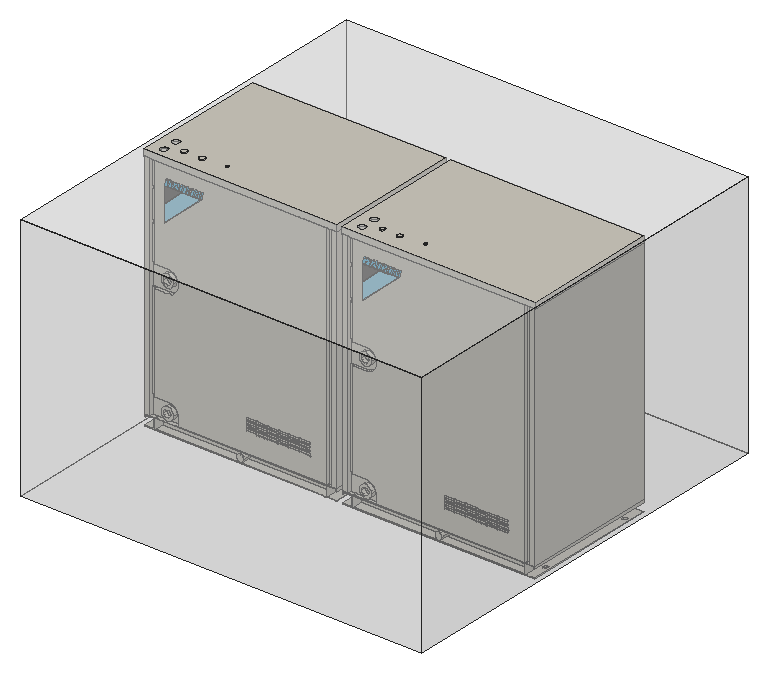
Revit family "outputfile", category 機械設備, Revit 2024
Family settings
  丸型コネクタ寸法 = 半径を使用
  種別 = なし
  パーツ タイプ = 標準
  OmniClass 番号 = 23.75.10.24.21.27.27
  OmniClass タイトル = Split System Air Conditioning Units
  作業面ベース = いいえ
  常に垂直 = はい
  ロード時にボイドで切り取り = いいえ
  注釈の向きを維持 = いいえ
  共有 = いいえ
  部屋計算ポイント = いいえ
Parameters (values of type "RWEYQ18TY14")
  製造元 = "Daikin"
  書き出し IFC クラス(タイプ) = "IfcUnitaryEquipmentType"
  定義済み IFC タイプ(タイプ) = "AIRCONDITIONINGUNIT"
  モデル = "RWEYQ18TY14"
  w_unit2 = 780.0 mm
  w_unit1 = 780.0 mm
  switch_unit2_6-8 [instance] = if(Reverse_ModuleSequence, if(default_unit1 = 1, 1 = 1, 1 = 0), if(default_unit2 = 1, 1 = 1, 1 = 0))  # yes
  switch_unit2_12 [instance] = if(Reverse_ModuleSequence, if(default_unit1 = 3, 1 = 1, 1 = 0), if(default_unit2 = 3, 1 = 1, 1 = 0))  # no
  switch_unit2_10 [instance] = if(Reverse_ModuleSequence, if(default_unit1 = 2, 1 = 1, 1 = 0), if(default_unit2 = 2, 1 = 1, 1 = 0))  # no
  switch_unit1_6-8 [instance] = if(Reverse_ModuleSequence, if(default_unit2 = 1, 1 = 1, 1 = 0), if(default_unit1 = 1, 1 = 1, 1 = 0))  # no
  switch_unit1_12 [instance] = if(Reverse_ModuleSequence, if(default_unit2 = 3, 1 = 1, 1 = 0), if(default_unit1 = 3, 1 = 1, 1 = 0))  # no
  switch_unit1_10 [instance] = if(Reverse_ModuleSequence, if(default_unit2 = 2, 1 = 1, 1 = 0), if(default_unit1 = 2, 1 = 1, 1 = 0))  # yes
  rangle_Drain [instance] = if(Rear Connection_Drain, 180.00°, 0.00°)  # 0.00°
  r_Water Outlet Pipe Connection_unit2 [instance] = Water Outlet Pipe Connection_Unit2 / 2  # 15.9 mm
  r_Water Outlet Pipe Connection_unit1 [instance] = Water Outlet Pipe Connection_Unit1 / 2  # 15.9 mm
  r_Water Inlet Pipe Connection_unit2 [instance] = Water Inlet Pipe Connection_Unit2 / 2  # 15.9 mm
  r_Water Inlet Pipe Connection_unit1 [instance] = Water Inlet Pipe Connection_Unit1 / 2  # 15.9 mm
  r_Liquid Pipe Size_unit2 [instance] = Liquid Pipe Size_Unit 2 / 2  # 4.75 mm
  r_HP/LP Gas Pipe Size_unit2 [instance] = [HP/LP Gas Pipe Size_Unit 2] / 2  # 9.55 mm
  r_HP/LP Gas Pipe Size_unit1 [instance] = [HP/LP Gas Pipe Size_Unit 1] / 2  # 11.1 mm
  r_Gas Pipe Size_unit2 [instance] = Gas Pipe Size_Unit 2 / 2  # 9.55 mm
  r_Drain Pipe Size = Drain Pipe Size / 2  # 6.35 mm
  lw_powersupply2 = 51.0 mm
  lw_liquidpipe2 = 274.0 mm
  lw_gaspipe2 [instance] = if(Heat Pump, 107.0 mm, 178.0 mm)  # 107.0 mm
  lw_Water Outlet2 = 95.0 mm
  lw_Water Outlet1 = 95.0 mm
  lw_Water Inlet2 = 95.0 mm
  lw_Water Inlet1 = 95.0 mm
  lw_HP/LP Gas Pipe2 [instance] = if(Heat Pump, 178.0 mm, 107.0 mm)  # 178.0 mm
  lw_HP/LP Gas Pipe1 [instance] = if(Heat Pump, 178.0 mm, 107.0 mm)  # 178.0 mm
  lw_Drain2 = 390.0 mm
  lw_Drain1 = 390.0 mm
  ld_HP/LP Gas Pipe = 69.0 mm
  h_mountinghole = [h_***] + 2.3 mm  # 2.3 mm
  r_Liquid Pipe Size_unit1 [instance] = Liquid Pipe Size_Unit 1 / 2  # 4.75 mm
  r_Gas Pipe Size_unit1 [instance] = Gas Pipe Size_Unit 1 / 2  # 11.1 mm
  distance_unit1-2 [instance] = 20.0 mm
  default_unit2 = 1
  default_unit1 = 2
  default_Water Outlet Pipe Connection_Unit 2 = 31.8 mm
  default_Water Outlet Pipe Connection_Unit 1 = 31.8 mm
  default_Water Inlet Pipe Connection_Unit 2 = 31.8 mm
  default_Water Inlet Pipe Connection_Unit 1 = 31.8 mm
  default_Model_Unit 2 = "RWEYQ8TY14"
  default_Model_Unit 1 = "RWEYQ10TY14"
  default_Liquid Pipe Size_Unit 2 = 9.5 mm
  default_Liquid Pipe Size_Unit 1 = 9.5 mm
  default_HP/LP Gas Pipe Size_Unit 2 [instance] = if(and(Heat Pump, [switch_unit2_6-8]), 19.1 mm, if(and(Heat Pump, switch_unit2_10), 22.2 mm, if(and(Heat Pump, switch_unit2_12), 22.2 mm, if(and(Heat Recovery, [switch_unit2_6-8]), 15.9 mm, if(and(Heat Recovery, switch_unit2_10), 19.1 mm, if(and(Heat Recovery, switch_unit2_12), 19.1 mm, 19.1 mm))))))  # 19.1 mm
  default_HP/LP Gas Pipe Size_Unit 1 [instance] = if(and(Heat Pump, [switch_unit1_6-8]), 19.1 mm, if(and(Heat Pump, switch_unit1_10), 22.2 mm, if(and(Heat Pump, switch_unit1_12), 22.2 mm, if(and(Heat Recovery, [switch_unit1_6-8]), 15.9 mm, if(and(Heat Recovery, switch_unit1_10), 19.1 mm, if(and(Heat Recovery, switch_unit1_12), 19.1 mm, 19.1 mm))))))  # 22.2 mm
  default_Gas Pipe Size_Unit 2 = 19.1 mm
  default_Gas Pipe Size_Unit 1 = 22.2 mm
  Water Outlet Pipe Connection_Unit2 [instance] = if(Reverse_ModuleSequence, default_Water Inlet Pipe Connection_Unit 1, default_Water Inlet Pipe Connection_Unit 2)  # 31.8 mm
  Water Outlet Pipe Connection_Unit1 [instance] = if(Reverse_ModuleSequence, default_Water Outlet Pipe Connection_Unit 2, default_Water Outlet Pipe Connection_Unit 1)  # 31.8 mm
  Water Inlet Pipe Connection_Unit2 [instance] = if(Reverse_ModuleSequence, default_Water Outlet Pipe Connection_Unit 1, default_Water Outlet Pipe Connection_Unit 2)  # 31.8 mm
  Water Inlet Pipe Connection_Unit1 [instance] = if(Reverse_ModuleSequence, default_Water Inlet Pipe Connection_Unit 2, default_Water Inlet Pipe Connection_Unit 1)  # 31.8 mm
  Voltage_comment_50Hz = "380-415"
  Voltage_50Hz = 400 V
  Top Connection_powersupply2 [instance] = not(Top Connection_powersupply1)  # no
  Sound Power Level (dB) = 74
  Reverse_ModuleSequence [instance] = no
  Rear Connection_Drain [instance] = not(Front Connection_Drain)  # no
  Power Input (Heating) = 9.580 kW
  Phase_50Hz = 3
  Nominal Heating Capacity = 56.500 kW
  Model_Unit 2 [instance] = if(Reverse_ModuleSequence, default_Model_Unit 1, default_Model_Unit 2)  # "RWEYQ8TY14"
  Model_Unit 1 [instance] = if(Reverse_ModuleSequence, default_Model_Unit 2, default_Model_Unit 1)  # "RWEYQ10TY14"
  Minimum Circuit Amps_50Hz = 27.3 A
  Maximum Fuse Amps_50Hz = 35.0 A
  Material_Heat Exchanger = DAIKIN_Blue_HE_outdoorunit
  Material_Casing = DAIKIN_IvoryWhite_Casing_outdoorunit
  lw_powersupply1 = 51.0 mm
  lw_liquidpipe1 = 274.0 mm
  lw_gaspipe1 [instance] = if(Heat Pump, 107.0 mm, 178.0 mm)  # 107.0 mm
  lh_powersupply = 940.0 mm
  ld_powersupply [instance] = if(Top Connection_powersupply1, 38.0 mm, 98.0 mm)  # 38.0 mm
  ld_liquidpipe = 79.0 mm
  ld_gaspipe = 69.0 mm
  h_*** = 0.0 mm
  Width [instance] = [distance_unit1-2] + w_unit1 + w_unit2  # 1580.0 mm
  Version = "ver.1.0"
  Unit Type = ""
  Unit Mass Weight = 293.00 kg
  Unit Designation [instance] = ""
  Uniclass2015Version = "Products v1.30"
  Uniclass2015Title = "Variable refrigerant flow units"
  Uniclass2015Code = "Pr_70_65_03_94"
  Total Cooling Capacity [instance] = 0.000 kW
  Sound Pressure Level (dBA) = 54
  Series = "VRV Heat Recovery"
  Refrigerant_Base Charge = 7.700 kg
  Refrigerant_Additional Charge [instance] = 0.000 kg
  Refrigerant Type = "R410A"
  Power Input (Cooling) = 9.290 kW
  Option Accessory 3 [instance] = ""
  Option Accessory 2 [instance] = ""
  Option Accessory 1 [instance] = ""
  Nominal Cooling Capacity = 50.400 kW
  Load Classification = HVAC
  Liquid Pipe Size_Unit 2 [instance] = if(Reverse_ModuleSequence, default_Liquid Pipe Size_Unit 1, default_Liquid Pipe Size_Unit 2)  # 9.5 mm
  Liquid Pipe Size_Unit 1 [instance] = if(Reverse_ModuleSequence, default_Liquid Pipe Size_Unit 2, default_Liquid Pipe Size_Unit 1)  # 9.5 mm
  Link_Nested Family [instance] = ""
  IfcVersion = ""
  IfcExportType = "AIRCONDITIONINGUNIT"
  IfcExportAs = "IfcUnitaryEquipmentType"
  Height = 1000.0 mm
  Heat Recovery [instance] = not(Heat Pump)  # no
  Heat Pump [instance] = yes
  Heat Exchanger Type = "Stainless Steel Plate"
  HP/LP Gas Pipe Size_Unit 2 [instance] = [default_HP/LP Gas Pipe Size_Unit 2]  # 19.1 mm
  HP/LP Gas Pipe Size_Unit 1 [instance] = [default_HP/LP Gas Pipe Size_Unit 1]  # 22.2 mm
  Gas Pipe Size_Unit 2 [instance] = if(Reverse_ModuleSequence, default_Gas Pipe Size_Unit 1, default_Gas Pipe Size_Unit 2)  # 19.1 mm
  Gas Pipe Size_Unit 1 [instance] = if(Reverse_ModuleSequence, default_Gas Pipe Size_Unit 2, default_Gas Pipe Size_Unit 1)  # 22.2 mm
  Top Connection_powersupply1 [instance] = yes
  Front Connection_Drain [instance] = yes
  Frequency_50Hz = 50 Hz
  Drain Pipe Size = 12.7 mm
  Depth = 550.0 mm
  既定の高さ = 0.0 mm
  Cooling Ambient Wet Bulb Temperature [instance] = 0.00 °C
  Cooling Ambient Dry Bulb Temperature [instance] = 0.00 °C
  Compressor Type = "Hermetically Sealed Scroll Type"
  Clearance visibility [instance] = yes
  Clearance Top = 0.0 mm
  Clearance Right = 20.0 mm
  Clearance Rear = 500.0 mm
  Clearance Left = 20.0 mm
  Clearance Front = 600.0 mm
  Clearance Bottom = 0.0 mm
  CU Tag No. [instance] = ""
Reference planes
  plane 1 "Center (Front/Back)": y = 0
  plane 2 "h_***": z = 0
  plane 3 "Center (Left/Right)": x = 0
  plane 4 "Back": y = 275
  plane 5 "Front": y = -275
  plane 6 "Left": x = -390
  plane 7 "w_unit1": x = 390
  plane 8 "Top": z = 1000
  plane 9 "Clearance Rear": y = 775
  plane 10 "Clearance Front": y = -875
  plane 11 "Clearance Left": x = -410
  plane 12 "Clearance Right": x = 1210
  plane 13 "Clearance Top": z = 1000
  plane 14 "Clearance Bottom": z = 0
  plane 15 "Bottom": z = 0
  plane 16 "lw_powersupply1": x = -339
  plane 17 "ld_powersupply": y = -237
  plane 18 "lw_liquidpipe1": x = -116
  plane 19 "Rear Connection_refrigetant": y = -196
  plane 20 "lw_gaspipe1": x = -283
  plane 21 "ld_gaspipe": y = -206
  plane 22 "lh_logo": z = 900
  plane 23 "lw_logo": x = 100
  plane 24 "lh_powersupply": z = 940
  plane 25 "lw_HP/LP Gas Pipe1": x = -212
  plane 26 "ld_HP/LP Gas Pipe": y = -206
  plane 27 "l_unit2": x = 410
  plane 28 "Right": x = 1190
  plane 29 "lw_powersupply2": x = 461
  plane 30 "lw_liquidpipe2": x = 684
  plane 31 "lw_gaspipe2": x = 517
  plane 32 "lw_HP/LP Gas Pipe2": x = 588
  plane 33 "lw_Water Inlet1": x = -295
  plane 34 "lw_Water Inlet2": x = 505
  plane 35 "lw_Water Outlet1": x = -295
  plane 36 "lw_Water Outlet2": x = 505
  plane 37 "lw_Drain1": x = 0
  plane 38 "lw_Drain2": x = 800
Dimensions and locks
  equal spacing: plane 4 "Back", plane 1 "Center (Front/Back)", plane 5 "Front"
  "Depth": plane 4 "Back" to plane 5 "Front"
  equal spacing: plane 6 "Left", plane 3 "Center (Left/Right)", plane 7 "w_unit1"
  "w_unit1": plane 6 "Left" to plane 7 "w_unit1"
  "Clearance Rear": plane 9 "Clearance Rear" to plane 4 "Back"
  "Clearance Front": plane 10 "Clearance Front" to plane 5 "Front"
  "Clearance Left": plane 11 "Clearance Left" to plane 6 "Left"
  "Clearance Top": plane 13 "Clearance Top" to plane 8 "Top"
  "h_***": plane 15 "Bottom" to plane 2 "h_***"
  "Height": plane 8 "Top" to plane 15 "Bottom"
  "Clearance Bottom": plane 15 "Bottom" to plane 14 "Clearance Bottom"
  "ld_powersupply": plane 17 "ld_powersupply" to plane 5 "Front"
  "ld_liquidpipe": plane 19 "Rear Connection_refrigetant" to plane 5 "Front"
  "ld_gaspipe": plane 21 "ld_gaspipe" to plane 5 "Front"
  locked: plane 23 "lw_logo" to plane 7 "w_unit1" at 290
  locked: plane 22 "lh_logo" to plane 15 "Bottom" at 900
  "lw_gaspipe1": plane 6 "Left" to plane 20 "lw_gaspipe1"
  "lw_liquidpipe1": plane 6 "Left" to plane 18 "lw_liquidpipe1"
  "lw_powersupply1": plane 6 "Left" to plane 16 "lw_powersupply1"
  "lh_powersupply": plane 24 "lh_powersupply" to plane 15 "Bottom"
  "lw_HP/LP Gas Pipe1": plane 6 "Left" to plane 25 "lw_HP/LP Gas Pipe1"
  "ld_HP/LP Gas Pipe": plane 26 "ld_HP/LP Gas Pipe" to plane 5 "Front"
  "distance_unit1-2": plane 7 "w_unit1" to plane 27 "l_unit2"
  "Clearance Right": plane 28 "Right" to plane 12 "Clearance Right"
  "Width": plane 6 "Left" to plane 28 "Right"
  "lw_powersupply2": plane 27 "l_unit2" to plane 29 "lw_powersupply2"
  "lw_HP/LP Gas Pipe2": plane 27 "l_unit2" to plane 32 "lw_HP/LP Gas Pipe2"
  "lw_gaspipe2": plane 27 "l_unit2" to plane 31 "lw_gaspipe2"
  "lw_liquidpipe2": plane 27 "l_unit2" to plane 30 "lw_liquidpipe2"
  "lw_Water Inlet1": plane 6 "Left" to plane 33 "lw_Water Inlet1"
  "lw_Water Inlet2": plane 27 "l_unit2" to plane 34 "lw_Water Inlet2"
  "lw_Water Outlet1": plane 6 "Left" to plane 35 "lw_Water Outlet1"
  "lw_Water Outlet2": plane 27 "l_unit2" to plane 36 "lw_Water Outlet2"
  "lw_Drain1": plane 6 "Left" to plane 37 "lw_Drain1"
  "lw_Drain2": plane 27 "l_unit2" to plane 38 "lw_Drain2"
  aligned and locked: level to plane 2 "h_***"
  aligned and locked: plane 9 "Clearance Rear" to nested 2
  aligned and locked: nested 2 to plane 10 "Clearance Front"
  aligned and locked: plane 11 "Clearance Left" to nested 2
  aligned and locked: plane 12 "Clearance Right" to nested 2
  aligned and locked: plane 13 "Clearance Top" to nested 2
  aligned and locked: plane 14 "Clearance Bottom" to nested 2
  aligned and locked: plane 8 "Top" to nested 1
  aligned and locked: plane 22 "lh_logo" to nested 7
  aligned and locked: nested 8 to plane 16 "lw_powersupply1"
  aligned and locked: nested 9 to plane 20 "lw_gaspipe1"
  aligned and locked: nested 10 to plane 18 "lw_liquidpipe1"
  aligned and locked: nested 10 to plane 19 "Rear Connection_refrigetant"
  aligned and locked: nested 9 to plane 21 "ld_gaspipe"
  aligned and locked: nested 8 to plane 17 "ld_powersupply"
  aligned and locked: plane 5 "Front" to nested 7
  aligned and locked: plane 24 "lh_powersupply" to nested 8
  aligned and locked: plane 27 "l_unit2" to nested 11
  aligned and locked: nested 17 to plane 29 "lw_powersupply2"
  aligned and locked: nested 17 to plane 17 "ld_powersupply"
  aligned and locked: nested 18 to plane 31 "lw_gaspipe2"
  aligned and locked: nested 18 to plane 26 "ld_HP/LP Gas Pipe"
  aligned and locked: plane 1 "Center (Front/Back)" to nested 20
  aligned and locked: plane 33 "lw_Water Inlet1" to nested 20
  aligned and locked: plane 1 "Center (Front/Back)" to nested 21
  aligned and locked: plane 1 "Center (Front/Back)" to nested 22
  aligned and locked: plane 1 "Center (Front/Back)" to nested 23
  aligned and locked: plane 1 "Center (Front/Back)" to nested 24
  aligned and locked: plane 1 "Center (Front/Back)" to nested 25
  aligned and locked: plane 34 "lw_Water Inlet2" to nested 21
  aligned and locked: plane 35 "lw_Water Outlet1" to nested 22
  aligned and locked: plane 36 "lw_Water Outlet2" to nested 23
  aligned and locked: plane 37 "lw_Drain1" to nested 24
  aligned and locked: plane 38 "lw_Drain2" to nested 25
  aligned and locked: plane 25 "lw_HP/LP Gas Pipe1" to nested 26
  aligned and locked: plane 32 "lw_HP/LP Gas Pipe2" to nested 27
  aligned and locked: nested 26 to plane 26 "ld_HP/LP Gas Pipe"
  aligned and locked: nested 27 to plane 26 "ld_HP/LP Gas Pipe"
Nested families
  nested 1: "DAIKIN_outdoorunit_RWEYQ-TY14" at (-31, 0, 0), h_*** <- "h_***", Link_Nest <- "Link_Nested Family", h_mountinghole <- "h_mountinghole", Width <- "w_unit1", switch_unit1_6-8 <- "switch_unit1_6-8", switch_unit1_10 <- "switch_unit1_10", switch_unit1_12 <- "switch_unit1_12", type "RWEYQ-TY14"
    with switch_unit1_6-8 no, switch_unit1_12 no, switch_unit1_10 yes, show_fixedhole yes, h_mountinghole 2.3 mm, h_antenna_mountinghole 998.7 mm, h_*** 0.0 mm, array_bolt 5, Width 780.0 mm, Liquid Pipe Size_Unit 1 9.5 mm, Link_Nest "", HP/LP Pipe Size_Unit 1 22.2 mm, Gas Pipe Size_Unit 1_L 107.0 mm, Gas Pipe Size_Unit 1 22.2 mm
  nested 2: "daikin_clearancespace" at (400, -50, 500.119), visible <- "Clearance visibility", show <- "Clearance visibility", Link_Nested Family <- "Link_Nested Family", type "daikin_clearancespace"
    with width 1620.0 mm, show yes, height 1000.0 mm, depth 1650.0 mm, Link_Nested Family ""
  nested 3: "daikin_mountinghole" at (-372, 200, 0), type "daikin_mountinghole"
    with show yes, l_antenna 998.7 mm, h_mountinghole 2.3 mm, Link_Nested Family ""
  nested 4: "daikin_mountinghole" at (372, 200, 0), type "daikin_mountinghole"
    with show yes, l_antenna 998.7 mm, h_mountinghole 2.3 mm, Link_Nested Family ""
  nested 5: "daikin_mountinghole" at (-372, -200, 0), type "daikin_mountinghole"
    with show yes, l_antenna 998.7 mm, h_mountinghole 2.3 mm, Link_Nested Family ""
  nested 6: "daikin_mountinghole" at (372, -200, 0), type "daikin_mountinghole"
    with show yes, l_antenna 998.7 mm, h_mountinghole 2.3 mm, Link_Nested Family ""
  nested 7: "daikin_logo_elevation_w150" at (-212.5, -275, 744.568), type "daikin_logo_elevation_w150"
    with show_logo yes
  nested 8: "daikin_connector_rotate3" at (-339, -237, 940) x (-1, 0, 0) z (0, 0, -1), type "daikin_connector_rotate3"
    with show no, radius 10.0 mm, length 60.0 mm, angle_vertical 0.00°, angle_horizontal 0.00°
  nested 9: "daikin_connector_rotate3" at (-283, -206, 940) x (-1, 0, 0) z (0, 0, -1), radius <- "r_Gas Pipe Size_unit1", type "daikin_connector_rotate3"
    with show no, radius 11.1 mm, length 60.0 mm, angle_vertical 0.00°, angle_horizontal 0.00°
  nested 10: "daikin_connector_rotate3" at (-116, -196, 940) x (-1, 0, 0) z (0, 0, -1), radius <- "r_Liquid Pipe Size_unit1", type "daikin_connector_rotate3"
    with show no, radius 4.75 mm, length 60.0 mm, angle_vertical 0.00°, angle_horizontal 0.00°
  nested 11: "DAIKIN_outdoorunit_RWEYQ-TY14" at (769, 0, 0), Width <- "w_unit2", switch_unit1_6-8 <- "switch_unit2_6-8", switch_unit1_10 <- "switch_unit2_10", switch_unit1_12 <- "switch_unit2_12", type "RWEYQ-TY14"
    with switch_unit1_6-8 yes, switch_unit1_12 no, switch_unit1_10 no, show_fixedhole yes, h_mountinghole 2.3 mm, h_antenna_mountinghole 998.7 mm, h_*** 0.0 mm, array_bolt 5, Width 780.0 mm, Liquid Pipe Size_Unit 1 9.5 mm, Link_Nest "", HP/LP Pipe Size_Unit 1 19.1 mm, Gas Pipe Size_Unit 1_L 107.0 mm, Gas Pipe Size_Unit 1 19.1 mm
  nested 12: "daikin_mountinghole" at (428, 200, 0), type "daikin_mountinghole"
    with show yes, l_antenna 998.7 mm, h_mountinghole 2.3 mm, Link_Nested Family ""
  nested 13: "daikin_mountinghole" at (1172, 200, 0), type "daikin_mountinghole"
    with show yes, l_antenna 998.7 mm, h_mountinghole 2.3 mm, Link_Nested Family ""
  nested 14: "daikin_mountinghole" at (428, -200, 0), type "daikin_mountinghole"
    with show yes, l_antenna 998.7 mm, h_mountinghole 2.3 mm, Link_Nested Family ""
  nested 15: "daikin_mountinghole" at (1172, -200, 0), type "daikin_mountinghole"
    with show yes, l_antenna 998.7 mm, h_mountinghole 2.3 mm, Link_Nested Family ""
  nested 16: "daikin_connector_rotate3" at (684, -196, 940) x (-1, 0, 0) z (0, 0, -1), radius <- "r_Liquid Pipe Size_unit2", type "daikin_connector_rotate3"
    with show no, radius 4.75 mm, length 60.0 mm, angle_vertical 0.00°, angle_horizontal 0.00°
  nested 17: "daikin_connector_rotate3" at (461, -237, 940) x (-1, 0, 0) z (0, 0, -1), type "daikin_connector_rotate3"
    with show no, radius 10.0 mm, length 60.0 mm, angle_vertical 0.00°, angle_horizontal 0.00°
  nested 18: "daikin_connector_rotate3" at (517, -206, 940) x (-1, 0, 0) z (0, 0, -1), radius <- "r_Gas Pipe Size_unit2", type "daikin_connector_rotate3"
    with show no, radius 9.55 mm, length 60.0 mm, angle_vertical 0.00°, angle_horizontal 0.00°
  nested 19: "daikin_logo_elevation_w150" at (587.5, -275, 744.568), type "daikin_logo_elevation_w150"
    with show_logo yes
  nested 20: "daikin_connector_rotate3" at (-295, 0, 76), radius <- "r_Water Inlet Pipe Connection_unit1", type "daikin_connector_rotate3"
    with show no, radius 15.9 mm, length 275.0 mm, angle_vertical 90.00°, angle_horizontal 0.00°
  nested 21: "daikin_connector_rotate3" at (505, 0, 76), radius <- "r_Water Inlet Pipe Connection_unit2", type "daikin_connector_rotate3"
    with show no, radius 15.9 mm, length 275.0 mm, angle_vertical 90.00°, angle_horizontal 0.00°
  nested 22: "daikin_connector_rotate3" at (-295, 0, 556), radius <- "r_Water Outlet Pipe Connection_unit1", type "daikin_connector_rotate3"
    with show no, radius 15.9 mm, length 275.0 mm, angle_vertical 90.00°, angle_horizontal 0.00°
  nested 23: "daikin_connector_rotate3" at (505, 0, 556), radius <- "r_Water Outlet Pipe Connection_unit2", type "daikin_connector_rotate3"
    with show no, radius 15.9 mm, length 275.0 mm, angle_vertical 90.00°, angle_horizontal 0.00°
  nested 24: "daikin_connector_rotate3" at (0, 0, 19), angle_horizontal <- "rangle_Drain", radius <- "r_Drain Pipe Size", type "daikin_connector_rotate3"
    with show no, radius 6.35 mm, length 275.0 mm, angle_vertical 90.00°, angle_horizontal 0.00°
  nested 25: "daikin_connector_rotate3" at (800, 0, 19), angle_horizontal <- "rangle_Drain", radius <- "r_Drain Pipe Size", type "daikin_connector_rotate3"
    with show no, radius 6.35 mm, length 275.0 mm, angle_vertical 90.00°, angle_horizontal 0.00°
  nested 26: "daikin_connector_rotate3" at (-212, -206, 940) x (1, 0, 0) z (0, 0, -1), radius <- "r_HP/LP Gas Pipe Size_unit1", type "daikin_connector_rotate3"
    with show no, radius 11.1 mm, length 60.0 mm, angle_vertical 0.00°, angle_horizontal 0.00°
  nested 27: "daikin_connector_rotate3" at (588, -206, 940) x (1, 0, 0) z (0, 0, -1), radius <- "r_HP/LP Gas Pipe Size_unit2", type "daikin_connector_rotate3"
    with show no, radius 9.55 mm, length 60.0 mm, angle_vertical 0.00°, angle_horizontal 0.00°
Connectors
  piping at (-116, -196, 1000), diameter 9.5, driven by "r_Liquid Pipe Size_unit1"
    settings: on nested 10, index 12, connector inside diameter 609.6 mm, connector length 0.0 mm, flow factor 0, pipe flow 0.00 m³/h, pressure drop 0.0 Pa, fitting loss kfactor 0, connector angle 0.00°, fixture units 0, engagement length 0.0 mm, angle of deflection 0.00°, flow configuration 0, flow direction 2, fitting loss method 0, system type 29, joint type 0, gender type 0, connector reference index -1, connector utility 0, adjustable connector no, is connector primary no, connector description "Refrigerant Liquid Piping1"
  electrical at (-339, -237, 1000), driven by "Load Classification"
    settings: on nested 8, index 13, voltage 0 V, apparent load 0 VA, apparent load phase1 0 VA, apparent load phase2 0 VA, apparent load phase3 0 VA, power factor 1, load classification "HVAC", number of poles 1, system type 30, power factor state 1, is connector primary yes, connector utility no, sub classification motor no, connector description "Power Supply1"
  piping at (684, -196, 1000), diameter 9.5, driven by "r_Liquid Pipe Size_unit2"
    settings: on nested 16, index 15, connector inside diameter 609.6 mm, connector length 0.0 mm, flow factor 0, pipe flow 0.00 m³/h, pressure drop 0.0 Pa, fitting loss kfactor 0, connector angle 0.00°, fixture units 0, engagement length 0.0 mm, angle of deflection 0.00°, flow configuration 0, flow direction 2, fitting loss method 0, system type 29, joint type 0, gender type 0, connector reference index -1, connector utility 0, adjustable connector no, is connector primary no, connector description "Refrigerant Liquid Piping2"
  electrical at (461, -237, 1000), driven by "Load Classification"
    settings: on nested 17, index 17, voltage 0 V, apparent load 0 VA, apparent load phase1 0 VA, apparent load phase2 0 VA, apparent load phase3 0 VA, power factor 1, load classification "HVAC", number of poles 1, system type 30, power factor state 1, is connector primary no, connector utility no, sub classification motor no, connector description "Power Supply2"
  piping at (-295, -275, 556), diameter 31.8, driven by "r_Water Outlet Pipe Connection_unit1"
    settings: on nested 22, index 19, connector inside diameter 609.6 mm, connector length 0.0 mm, flow factor 0, pipe flow 0.00 m³/h, pressure drop 0.0 Pa, fitting loss kfactor 0, connector angle 0.00°, fixture units 0, engagement length 0.0 mm, angle of deflection 0.00°, flow configuration 1, flow direction 2, fitting loss method 0, system type 8, joint type 0, gender type 0, connector reference index -1, connector utility 0, adjustable connector no, is connector primary no, connector description "Cooling Water Outlet Piping 1"
  piping at (-295, -275, 76), diameter 31.8, driven by "r_Water Inlet Pipe Connection_unit1"
    settings: on nested 20, index 20, connector inside diameter 609.6 mm, connector length 0.0 mm, flow factor 0, pipe flow 0.00 m³/h, pressure drop 0.0 Pa, fitting loss kfactor 0, connector angle 0.00°, fixture units 0, engagement length 0.0 mm, angle of deflection 0.00°, flow configuration 1, flow direction 1, fitting loss method 0, system type 7, joint type 0, gender type 0, connector reference index -1, connector utility 0, adjustable connector no, is connector primary no, connector description "Cooling Water Inlet  Piping 1"
  piping at (505, -275, 556), diameter 31.8, driven by "r_Water Outlet Pipe Connection_unit2"
    settings: on nested 23, index 21, connector inside diameter 609.6 mm, connector length 0.0 mm, flow factor 0, pipe flow 0.00 m³/h, pressure drop 0.0 Pa, fitting loss kfactor 0, connector angle 0.00°, fixture units 0, engagement length 0.0 mm, angle of deflection 0.00°, flow configuration 1, flow direction 2, fitting loss method 0, system type 8, joint type 0, gender type 0, connector reference index -1, connector utility 0, adjustable connector no, is connector primary no, connector description "Cooling Water Outlet Piping 2"
  piping at (505, -275, 76), diameter 31.8, driven by "r_Water Inlet Pipe Connection_unit2"
    settings: on nested 21, index 22, connector inside diameter 609.6 mm, connector length 0.0 mm, flow factor 0, pipe flow 0.00 m³/h, pressure drop 0.0 Pa, fitting loss kfactor 0, connector angle 0.00°, fixture units 0, engagement length 0.0 mm, angle of deflection 0.00°, flow configuration 1, flow direction 1, fitting loss method 0, system type 7, joint type 0, gender type 0, connector reference index -1, connector utility 0, adjustable connector no, is connector primary no, connector description "Cooling Water Inlet  Piping 2"
  piping at (0, -275, 19), diameter 12.7, driven by "r_Drain Pipe Size"
    settings: on nested 24, index 23, connector inside diameter 609.6 mm, connector length 0.0 mm, flow factor 0, pipe flow 0.00 m³/h, pressure drop 0.0 Pa, fitting loss kfactor 0, connector angle 0.00°, fixture units 0, engagement length 0.0 mm, angle of deflection 0.00°, flow configuration 1, flow direction 2, fitting loss method 4, system type 16, joint type 0, gender type 0, connector reference index -1, connector utility 0, adjustable connector no, is connector primary no, connector description "Condensate Drain Piping 1"
  piping at (800, -275, 19), diameter 12.7, driven by "r_Drain Pipe Size"
    settings: on nested 25, index 24, connector inside diameter 609.6 mm, connector length 0.0 mm, flow factor 0, pipe flow 0.00 m³/h, pressure drop 0.0 Pa, fitting loss kfactor 0, connector angle 0.00°, fixture units 0, engagement length 0.0 mm, angle of deflection 0.00°, flow configuration 1, flow direction 2, fitting loss method 4, system type 16, joint type 0, gender type 0, connector reference index -1, connector utility 0, adjustable connector no, is connector primary no, connector description "Condensate Drain Piping 2"
  piping at (-212, -206, 1000), diameter 22.2, driven by "r_HP/LP Gas Pipe Size_unit1"
    settings: on nested 26, index 27, connector inside diameter 609.6 mm, connector length 0.0 mm, flow factor 0, pipe flow 0.00 m³/h, pressure drop 0.0 Pa, fitting loss kfactor 0, connector angle 0.00°, fixture units 0, engagement length 0.0 mm, angle of deflection 0.00°, flow configuration 0, flow direction 0, fitting loss method 0, system type 29, joint type 0, gender type 0, connector reference index -1, connector utility 0, adjustable connector no, is connector primary no, connector description "Refrigerant HP/LP Gas Piping1"
  piping at (588, -206, 1000), diameter 19.1, driven by "r_HP/LP Gas Pipe Size_unit2"
    settings: on nested 27, index 28, connector inside diameter 609.6 mm, connector length 0.0 mm, flow factor 0, pipe flow 0.00 m³/h, pressure drop 0.0 Pa, fitting loss kfactor 0, connector angle 0.00°, fixture units 0, engagement length 0.0 mm, angle of deflection 0.00°, flow configuration 0, flow direction 0, fitting loss method 0, system type 29, joint type 0, gender type 0, connector reference index -1, connector utility 0, adjustable connector no, is connector primary no, connector description "Refrigerant HP/LP Gas Piping2"
  piping at (-283, -206, 1000), diameter 22.2, driven by "r_Gas Pipe Size_unit1"
    settings: on nested 9, index 29, connector inside diameter 609.6 mm, connector length 0.0 mm, flow factor 0, pipe flow 0.00 m³/h, pressure drop 0.0 Pa, fitting loss kfactor 0, connector angle 0.00°, fixture units 0, engagement length 0.0 mm, angle of deflection 0.00°, flow configuration 0, flow direction 1, fitting loss method 0, system type 29, joint type 0, gender type 0, connector reference index -1, connector utility 0, adjustable connector no, is connector primary yes, connector description "Refrigerant Gas Piping1"
  piping at (517, -206, 1000), diameter 19.1, driven by "r_Gas Pipe Size_unit2"
    settings: on nested 18, index 30, connector inside diameter 609.6 mm, connector length 0.0 mm, flow factor 0, pipe flow 0.00 m³/h, pressure drop 0.0 Pa, fitting loss kfactor 0, connector angle 0.00°, fixture units 0, engagement length 0.0 mm, angle of deflection 0.00°, flow configuration 0, flow direction 1, fitting loss method 0, system type 29, joint type 0, gender type 0, connector reference index -1, connector utility 0, adjustable connector no, is connector primary no, connector description "Refrigerant Gas Piping2"
Definition of nested family "DAIKIN_outdoorunit_RWEYQ-TY14"
  Parameters (values of type "RWEYQ-TY14")
    w_wiremesh_right = 668.0 mm  # constant formula
    w_wiremesh_left = 590.0 mm  # constant formula
    w_wiremesh_front = 248.0 mm  # constant formula
    switch_unit1_6-8 [instance] = no
    switch_unit1_12 [instance] = yes
    switch_unit1_10 [instance] = no
    show_fixedhole [instance] = yes
    material_heatexchanger = none
    material_casing = none
    ld_hole1_bottom = 154.0 mm  # constant formula
    h_wiremesh = 900.0 mm  # constant formula
    h_mountinghole [instance] = 2.3 mm
    h_antenna_mountinghole [instance] = Height + 1.0 mm - 2.3 mm  # 998.7 mm
    h_*** [instance] = 0.0 mm
    array_bolt [instance] = 5
    Width [instance] = 780.0 mm
    Liquid Pipe Size_Unit 1 [instance] = if([switch_unit1_6-8], 9.5 mm, if(switch_unit1_10, 9.5 mm, if(switch_unit1_12, 12.7 mm, 9.5 mm)))  # 12.7 mm
    Link_Nest [instance] = ""
    Height = 1000.0 mm
    Heat Recovery = not(Heat Pump)  # no
    Heat Pump = yes
    HP/LP Pipe Size_Unit 1_L = if(Heat Pump, 178.0 mm, 107.0 mm)  # 178.0 mm
    HP/LP Pipe Size_Unit 1 [instance] = if(Heat Recovery, if([switch_unit1_6-8], 15.9 mm, if(switch_unit1_10, 19.1 mm, if(switch_unit1_12, 19.1 mm, 15.9 mm))), if([switch_unit1_6-8], 19.1 mm, if(switch_unit1_10, 22.2 mm, if(switch_unit1_12, 22.2 mm, 19.1 mm))))  # 22.2 mm
    Gas Pipe Size_Unit 1_L [instance] = if(Heat Pump, 107.0 mm, 178.0 mm)  # 107.0 mm
    Gas Pipe Size_Unit 1_H = 60.0 mm  # constant formula
    Gas Pipe Size_Unit 1 [instance] = if([switch_unit1_6-8], 19.1 mm, if(switch_unit1_10, 22.2 mm, if(switch_unit1_12, 22.2 mm, 19.1 mm)))  # 22.2 mm
    Depth = 550.0 mm
    Default Elevation = 0.0 mm
  Reference planes
    plane 1 "Center (Front/Back)": y = 0
    plane 2 "reference_level": z = 0
    plane 3 "Center (Left/Right)": x = 31
    plane 4 "Bottom": z = 0
    plane 5: x = 421
    plane 6: x = -359
    plane 7 "Back": y = 275
    plane 8 "Front": y = -275
    plane 9: z = 1000
    plane 10: z = 976
    plane 11: y = -255
    plane 12: y = 255
    plane 13: x = -337
    plane 14: x = 399
    plane 15: x = -341
    plane 16: z = 45
    plane 17: x = 403
    plane 18: y = 200
    plane 19: y = -200
    plane 20: z = 1060
    plane 21: z = 19
    plane 22: z = 1000
    plane 23: z = 940
  Forms (mm)
    Extrusion 1, solid, material <- "material_heatexchanger"
      sketch origin (0, 0, 0) x (1, 0, 0) y (0, 1, 0)
        loop
          line (-337, 255) -> (-337, -255) -> (399, -255) -> (399, 255) -> (-337, 255)
      from 54 to 976
    Extrusion 2, void
      sketch origin (0, 350, 0) x (1, 0, 0) y (0, 1, 0)
        loop
          circle (-341, -150) r 8.5
        loop
          circle (403, -150) r 8.5
        loop
          circle (403, -550) r 8.5
        loop
          circle (-341, -550) r 8.5
      from 0 to 29.064
    Extrusion 3, solid, material <- "material_casing"
      sketch origin (620, -305, 0) x (-1, 0, 0) y (0, 0, 1)
        loop
          line (204.3, 35.061) -> (204.3, 42.7) -> (239.7, 42.7) -> (239.7, 2.3) -> (201, 2.3) -> (201, 0) -> (242, 0) -> (242, 45) -> (201, 45) -> (201, 35.061) -> (204.3, 35.061)
        loop
          line (973.7, 35.061) -> (977, 35.061) -> (977, 45) -> (936, 45) -> (936, 0) -> (977, 0) -> (977, 2.3) -> (938.3, 2.3) -> (938.3, 42.7) -> (973.7, 42.7) -> (973.7, 35.061)
      from 30 to 580
    Extrusion 4, solid, material <- "material_casing"
      sketch origin (31, 0, 0) x (0, 1, 0) y (0, 0, 1)
        loop
          line (-275, 45) -> (-275, 42.7) -> (-236.3, 42.7) -> (-236.3, 2.3) -> (-275, 2.3) -> (-275, 0) -> (-234, 0) -> (-234, 45) -> (-275, 45)
        loop
          line (275, 45) -> (234, 45) -> (234, 0) -> (275, 0) -> (275, 2.3) -> (236.3, 2.3) -> (236.3, 42.7) -> (275, 42.7) -> (275, 45)
      from -347 to 347
    Extrusion 5, solid, material <- "material_casing"
      sketch origin (0, 0, 0) x (1, 0, 0) y (0, 1, 0)
        loop
          circle (-85, -196) r 6.35
        loop
          circle (-181, -206) r 11.1
      from 940 to 1000
    Extrusion 6, solid, material <- "material_casing"
      sketch origin (-663.497, -190, 1200) x (-1, 0, 0) y (0, 0, 1)
        loop
          circle (-694.497, -1181) r 14
      from -85 to -46.3
    Extrusion 7, solid, material <- "material_casing"
      sketch origin (-663.497, 321.3, 1200) x (-1, 0, 0) y (0, 0, 1)
        loop
          circle (-694.497, -1181) r 14
      from -85 to -46.3
    Extrusion 8, solid, material <- "material_casing"
      sketch origin (0, -500, 0) x (1, 0, 0) y (0, 1, 0)
        loop
          circle (-252, 294) r 11.1
      from 940 to 1000
  Cuts and joins
    Extrusion 2 cuts Extrusion 3
  Dimensions and locks
    equal spacing: plane 6, plane 3 "Center (Left/Right)", plane 5
    "Width": plane 6 to plane 5
    locked: plane 9 to plane 10 at 24
    "Depth": plane 8 "Front" to plane 7 "Back"
    equal spacing: plane 7 "Back", plane 1 "Center (Front/Back)", plane 8 "Front"
    locked: plane 12 to plane 7 "Back" at 20
    locked: plane 11 to plane 8 "Front" at 20
    locked: plane 6 to plane 13 at 22
    locked: plane 14 to plane 5 at 22
    locked: plane 6 to plane 15 at 18
    "h_***": plane 4 "Bottom" to plane 2 "reference_level"
    locked: plane 16 to plane 4 "Bottom" at 45
    "Height": plane 9 to plane 4 "Bottom"
    locked: plane 5 to Extrusion 3 sketch curve at 2  (x2)
    locked: Extrusion 3 sketch curve to Extrusion 3 sketch curve at 41  (x2)
    locked: Extrusion 3 sketch curve to Extrusion 3 sketch curve at 3.3  (x2)
    locked: Extrusion 3 sketch curve to plane 6 at 2  (x2)
    locked: plane 8 "Front" to Extrusion 4 sketch curve at 41
    locked: Extrusion 4 sketch curve to plane 7 "Back" at 41
    locked: plane 17 to plane 5 at 18
    plane 19 to plane 8 "Front" = 75.0 mm
    locked: plane 18 to plane 7 "Back" at 75
    locked: Extrusion 5 sketch curve to plane 8 "Front" at 79
    locked: plane 6 to Extrusion 5 sketch curve at 274
    "HP/LP Pipe Size_Unit 1_L": plane 6 to Extrusion 5 sketch curve
    locked: Extrusion 5 sketch curve to plane 8 "Front" at 69
    locked: plane 20 to plane 9 at 60
    locked: plane 21 to plane 4 "Bottom" at 19
    "Gas Pipe Size_Unit 1_L": plane 6 to Extrusion 8 sketch curve
    locked: Extrusion 8 sketch curve to plane 8 "Front" at 69
    "Gas Pipe Size_Unit 1_H": plane 20 to plane 22
    locked: plane 22 to plane 23 at 60
    "HP/LP Pipe Size_Unit 1": diameter of Extrusion 5 sketch curve
    "Liquid Pipe Size_Unit 1": diameter of Extrusion 5 sketch curve
    "Gas Pipe Size_Unit 1": diameter of Extrusion 8 sketch curve
    aligned and locked: level to plane 2 "reference_level"
    aligned and locked: plane 12 to Extrusion 1 sketch curve
    aligned and locked: plane 11 to Extrusion 1 sketch curve
    aligned and locked: plane 13 to Extrusion 1 sketch curve
    aligned and locked: plane 14 to Extrusion 1 sketch curve
    aligned and locked: plane 10 to Extrusion 1
    aligned and locked: plane 11 to nested 1
    aligned and locked: plane 10 to nested 4
    aligned and locked: nested 5 to plane 9
    aligned and locked: plane 10 to nested 3
    aligned and locked: plane 10 to nested 2
    aligned and locked: plane 13 to nested 4
    aligned and locked: plane 14 to nested 2
    aligned and locked: plane 12 to nested 3
    aligned and locked: plane 15 to nested 7
    aligned and locked: plane 15 to nested 9
    aligned and locked: plane 8 "Front" to nested 5
    aligned and locked: plane 6 to nested 5
    aligned and locked: plane 10 to nested 1
    aligned and locked: plane 13 to nested 1
    aligned and locked: nested 2 to plane 1 "Center (Front/Back)"
    aligned and locked: nested 3 to plane 3 "Center (Left/Right)"
    aligned and locked: plane 1 "Center (Front/Back)" to nested 4
    aligned and locked: nested 6 to plane 3 "Center (Left/Right)"
    aligned and locked: plane 1 "Center (Front/Back)" to nested 6
    aligned and locked: plane 16 to Extrusion 3 sketch curve
    aligned and locked: Extrusion 3 sketch curve to plane 4 "Bottom"
    aligned and locked: Extrusion 3 sketch curve to plane 16
    aligned and locked: plane 4 "Bottom" to Extrusion 3 sketch curve
    aligned and locked: Extrusion 3 to plane 7 "Back"
    aligned and locked: Extrusion 3 to plane 8 "Front"
    aligned and locked: plane 8 "Front" to Extrusion 4 sketch curve  (x2)
    aligned and locked: plane 4 "Bottom" to Extrusion 4 sketch curve
    aligned and locked: Extrusion 4 sketch curve to plane 16
    aligned and locked: Extrusion 4 sketch curve to plane 7 "Back"  (x2)
    aligned and locked: plane 18 to Extrusion 2 sketch curve  (x2)
    aligned and locked: plane 15 to Extrusion 2 sketch curve  (x2)
    aligned and locked: plane 17 to Extrusion 2 sketch curve  (x2)
    aligned and locked: plane 17 to nested 8
    aligned and locked: plane 18 to nested 8
    aligned and locked: plane 18 to nested 7
    aligned and locked: nested 7 to plane 15
    aligned and locked: nested 9 to plane 19
    aligned and locked: nested 9 to plane 15
    aligned and locked: nested 10 to plane 19
    aligned and locked: plane 17 to nested 10
    aligned and locked: plane 19 to Extrusion 2 sketch curve  (x2)
    aligned and locked: plane 3 "Center (Left/Right)" to Extrusion 6 sketch curve
    aligned and locked: plane 21 to Extrusion 6 sketch curve
    aligned and locked: plane 22 to Extrusion 8
    aligned and locked: Extrusion 8 to plane 22
    aligned and locked: Extrusion 8 to plane 23
    aligned and locked: Extrusion 5 to plane 23
    aligned and locked: Extrusion 5 to plane 22
  Automatic sketch dimensions
    Extrusion 3 sketch curve to Extrusion 3 sketch curve = 2.3 mm  (x2)
    level to Extrusion 3 sketch curve = 2.3 mm  (x2)
    Extrusion 3 sketch curve to plane 16 = 9.939 mm  (x2)
    Extrusion 3 sketch curve to plane 16 = 2.3 mm  (x2)
    Extrusion 4 sketch curve to level = 0.0 mm
    Extrusion 4 sketch curve to plane 16 = 0.0 mm
    Extrusion 4 sketch curve to Extrusion 4 sketch curve = 2.3 mm  (x2)
    level to Extrusion 4 sketch curve = 2.3 mm  (x2)
    Extrusion 4 sketch curve to plane 16 = 2.3 mm  (x2)
    Extrusion 7 sketch curve to plane 3 "Center (Left/Right)" = 0.0 mm
    Extrusion 7 sketch curve to plane 21 = 0.0 mm
    radius of Extrusion 2 sketch curve = 8.5 mm  (x4)
    radius of Extrusion 6 sketch curve = 14.0 mm
    radius of Extrusion 7 sketch curve = 14.0 mm
  Nested families
    nested 1: "outdoorunit_frontpanel" at (-337, -265, 45), material <- "material_casing", type "frontpanel1"
      with material none
    nested 2: "outdoorunit_rightpanel1" at (409, -275, 45) x (0, 1, 0) z (0, 0, 1), material <- "material_casing", type "frontpanel1"
      with material none
    nested 3: "outdoorunit_backpanel" at (399, 265, 45) x (-1, 0, 0) z (0, 0, 1), material <- "material_casing", type "frontpanel1"
      with material none
    nested 4: "outdoorunit_leftpanel" at (-347, 275, 45) x (0, -1, 0) z (0, 0, 1), material <- "material_casing", type "frontpanel1"
      with material none
    nested 5: "outdoorunit_uppanel" at (-359, -275, 988) x (1, 0, 0) z (0, 1, 0), material <- "material_casing", type "frontpanel1"
      with material none
    nested 6: "outdoorunit_downpanel" at (399, 255, 56) x (-1, 0, 0) z (0, -1, 0), material <- "material_casing", type "frontpanel1"
      with material none
    nested 7: "daikin_mountinghole" at (-341, 200, 0), visible <- "show_fixedhole", Link_Nested Family <- "Link_Nest", l_antenna <- "h_antenna_mountinghole", h_mountinghole <- "h_mountinghole", type "daikin_mountinghole"
      with show yes, l_antenna 998.7 mm, h_mountinghole 2.3 mm, Link_Nested Family ""
    nested 8: "daikin_mountinghole" at (403, 200, 0), visible <- "show_fixedhole", Link_Nested Family <- "Link_Nest", l_antenna <- "h_antenna_mountinghole", h_mountinghole <- "h_mountinghole", type "daikin_mountinghole"
      with show yes, l_antenna 998.7 mm, h_mountinghole 2.3 mm, Link_Nested Family ""
    nested 9: "daikin_mountinghole" at (-341, -200, 0), visible <- "show_fixedhole", Link_Nested Family <- "Link_Nest", l_antenna <- "h_antenna_mountinghole", h_mountinghole <- "h_mountinghole", type "daikin_mountinghole"
      with show yes, l_antenna 998.7 mm, h_mountinghole 2.3 mm, Link_Nested Family ""
    nested 10: "daikin_mountinghole" at (403, -200, 0), visible <- "show_fixedhole", Link_Nested Family <- "Link_Nest", l_antenna <- "h_antenna_mountinghole", h_mountinghole <- "h_mountinghole", type "daikin_mountinghole"
      with show yes, l_antenna 998.7 mm, h_mountinghole 2.3 mm, Link_Nested Family ""
  Definition of nested family "outdoorunit_frontpanel"
    Parameters (values of type "frontpanel1")
      width = 736.0 mm
      material [instance] = none
      height1 = 931.0 mm
      depth = 20.0 mm
      Default Elevation = 0.0 mm
    Reference planes
      plane 1 "Center (Front/Back)": y = 0
      plane 2 "Bottom": z = 0
      plane 3: x = 0
      plane 4 "Back": y = 10
      plane 5 "Front": y = -10
      plane 6: x = 736
      plane 7 "Top": z = 931
      plane 8 "Left": x = 0
      plane 9 "Center L/S": y = 5
      plane 10 "Center L/T": y = -5
    Forms (mm)
      Extrusion 1, solid, material <- "material"
        sketch origin (0, 0, 0) x (1, 0, 0) y (0, 1, 0)
          loop
            line (0, 10) -> (0, -10) -> (736, -10) -> (736, 10) -> (0, 10)
        from 0 to 931
      Extrusion 2, void
        sketch origin (0, 0, 0) x (1, 0, 0) y (0, 0, 1)
          loop
            line (0, 931) -> (0, 0) -> (21, 0) -> (21, 931) -> (0, 931)
          loop
            line (736, 931) -> (715, 931) -> (715, 0) -> (736, 0) -> (736, 931)
        from 0 to 250
      Extrusion 3, void
        sketch origin (0, 0, 0) x (1, 0, 0) y (0, 0, 1)
          loop
            line (2, 931) -> (-33, 931) -> (-33, -14) -> (118, -14) -> (118, 31)
            arc (118, 31) -> (104.82, 62.82) -> (73, 76) r 45
            line (73, 76) -> (2, 76) -> (2, 466) -> (73, 466)
            arc (73, 466) -> (118, 511) -> (73, 556) r 45
            line (73, 556) -> (2, 556) -> (2, 692) -> (10.5, 692)
            arc (10.5, 692) -> (18, 699.5) -> (10.5, 707) r 7.5
            line (10.5, 707) -> (2, 707) -> (2, 817) -> (10.5, 817)
            arc (10.5, 817) -> (18, 824.5) -> (10.5, 832) r 7.5
            line (10.5, 832) -> (2, 832) -> (2, 931)
        from -5 to 250
      Extrusion 4, void
        sketch origin (0, 0, 0) x (1, 0, 0) y (0, 0, 1)
          loop
            line (734, 931) -> (734, 0) -> (972.161, 0) -> (972.161, 931) -> (734, 931)
        from -5 to 250
      Extrusion 5, solid, material <- "material"
        sketch origin (0, 0, 0) x (1, 0, 0) y (0, 0, 1)
          loop
            circle (73, 511) r 25
          loop
            circle (73, 511) r 15.5
          loop
            circle (73, 31) r 25
          loop
            circle (73, 31) r 15.5
        from -5 to 10
      Extrusion 6, void
        sketch origin (0, 0, 0) x (1, 0, 0) y (0, 0, 1)
          loop
            line (390.8, 131) -> (390.8, 118.75) -> (433.5, 118.75) -> (433.5, 131) -> (390.8, 131)
          loop
            line (390.8, 80) -> (433.5, 80) -> (433.5, 92.25) -> (390.8, 92.25) -> (390.8, 80)
          loop
            line (390.8, 117.75) -> (390.8, 106) -> (433.5, 106) -> (433.5, 117.75) -> (390.8, 117.75)
          loop
            line (390.8, 105) -> (390.8, 93.25) -> (433.5, 93.25) -> (433.5, 105) -> (390.8, 105)
          loop
            line (476.7, 131) -> (434.5, 131) -> (434.5, 118.75) -> (476.7, 118.75) -> (476.7, 131)
          loop
            line (434.5, 80) -> (476.7, 80) -> (476.7, 92.25) -> (434.5, 92.25) -> (434.5, 80)
          loop
            line (434.5, 117.75) -> (434.5, 106) -> (476.7, 106) -> (476.7, 117.75) -> (434.5, 117.75)
          loop
            line (434.5, 105) -> (434.5, 93.25) -> (476.7, 93.25) -> (476.7, 105) -> (434.5, 105)
          loop
            line (519.9, 131) -> (477.7, 131) -> (477.7, 118.75) -> (519.9, 118.75) -> (519.9, 131)
          loop
            line (477.7, 80) -> (519.9, 80) -> (519.9, 92.25) -> (477.7, 92.25) -> (477.7, 80)
          loop
            line (477.7, 117.75) -> (477.7, 106) -> (519.9, 106) -> (519.9, 117.75) -> (477.7, 117.75)
          loop
            line (477.7, 105) -> (477.7, 93.25) -> (519.9, 93.25) -> (519.9, 105) -> (477.7, 105)
          loop
            line (563.1, 131) -> (520.9, 131) -> (520.9, 118.75) -> (563.1, 118.75) -> (563.1, 131)
          loop
            line (520.9, 80) -> (563.1, 80) -> (563.1, 92.25) -> (520.9, 92.25) -> (520.9, 80)
          loop
            line (520.9, 117.75) -> (520.9, 106) -> (563.1, 106) -> (563.1, 117.75) -> (520.9, 117.75)
          loop
            line (520.9, 105) -> (520.9, 93.25) -> (563.1, 93.25) -> (563.1, 105) -> (520.9, 105)
          loop
            line (606.3, 131) -> (564.1, 131) -> (564.1, 118.75) -> (606.3, 118.75) -> (606.3, 131)
          loop
            line (564.1, 80) -> (606.3, 80) -> (606.3, 92.25) -> (564.1, 92.25) -> (564.1, 80)
          loop
            line (564.1, 117.75) -> (564.1, 106) -> (606.3, 106) -> (606.3, 117.75) -> (564.1, 117.75)
          loop
            line (564.1, 105) -> (564.1, 93.25) -> (606.3, 93.25) -> (606.3, 105) -> (564.1, 105)
          loop
            line (650, 131) -> (607.3, 131) -> (607.3, 118.75) -> (650, 118.75) -> (650, 131)
          loop
            line (607.3, 80) -> (650, 80) -> (650, 92.25) -> (607.3, 92.25) -> (607.3, 80)
          loop
            line (607.3, 117.75) -> (607.3, 106) -> (650, 106) -> (650, 117.75) -> (607.3, 117.75)
          loop
            line (607.3, 105) -> (607.3, 93.25) -> (650, 93.25) -> (650, 105) -> (607.3, 105)
        from 5 to 250
    Cuts and joins
      Extrusion 2, Extrusion 3, Extrusion 4, Extrusion 6 cuts Extrusion 1
    Dimensions and locks
      equal spacing: plane 4 "Back", plane 1 "Center (Front/Back)", plane 5 "Front"
      "depth": plane 4 "Back" to plane 5 "Front"
      "width": plane 8 "Left" to plane 6
      "height1": plane 7 "Top" to plane 2 "Bottom"
      locked: plane 8 "Left" to Extrusion 2 sketch curve at 21
      locked: Extrusion 2 sketch curve to plane 6 at 21
      locked: plane 9 "Center L/S" to plane 1 "Center (Front/Back)" at 5
      locked: Extrusion 3 sketch curve to Extrusion 3 sketch curve at 15  (x2)
      locked: plane 7 "Top" to Extrusion 3 sketch curve at 99
      locked: Extrusion 3 sketch curve to plane 8 "Left" at 10.5
      locked: Extrusion 3 sketch curve to Extrusion 3 sketch curve at 125
      locked: Extrusion 3 sketch curve to Extrusion 3 sketch curve at 90  (x2)
      locked: Extrusion 3 sketch curve to plane 8 "Left" at 73
      locked: Extrusion 3 sketch curve to Extrusion 3 sketch curve at 136
      locked: Extrusion 3 sketch curve to plane 2 "Bottom" at 76
      locked: Extrusion 3 sketch curve to Extrusion 3 sketch curve at 390
      locked: plane 6 to Extrusion 4 sketch curve at 2
      locked: plane 10 "Center L/T" to plane 1 "Center (Front/Back)" at 5
      aligned and locked: level to plane 2 "Bottom"
      aligned and locked: plane 8 "Left" to Extrusion 1 sketch curve
      aligned and locked: Extrusion 1 sketch curve to plane 4 "Back"
      aligned and locked: plane 5 "Front" to Extrusion 1 sketch curve
      aligned and locked: Extrusion 1 to plane 2 "Bottom"
      aligned and locked: plane 7 "Top" to Extrusion 1
      aligned and locked: plane 3 to plane 8 "Left"
      aligned and locked: plane 8 "Left" to Extrusion 2 sketch curve
      aligned and locked: Extrusion 2 sketch curve to plane 7 "Top"
      aligned and locked: plane 2 "Bottom" to Extrusion 2 sketch curve
      aligned and locked: Extrusion 2 sketch curve to plane 2 "Bottom"
      aligned and locked: plane 6 to Extrusion 2 sketch curve
      aligned and locked: plane 7 "Top" to Extrusion 2 sketch curve
      aligned and locked: Extrusion 2 to plane 1 "Center (Front/Back)"
      aligned and locked: plane 9 "Center L/S" to Extrusion 3
      aligned and locked: Extrusion 4 sketch curve to plane 7 "Top"
      aligned and locked: plane 2 "Bottom" to Extrusion 4 sketch curve
      aligned and locked: Extrusion 4 to plane 9 "Center L/S"
      aligned and locked: Extrusion 5 to plane 5 "Front"
      aligned and locked: plane 9 "Center L/S" to Extrusion 5
      aligned and locked: Extrusion 6 to plane 10 "Center L/T"
    Automatic sketch dimensions
      Extrusion 1 sketch curve to plane 6 = 0.0 mm
      Extrusion 3 sketch curve to plane 7 "Top" = 0.0 mm
      plane 3 to Extrusion 3 sketch curve = 2.0 mm  (x4)
      plane 3 to Extrusion 3 sketch curve = 10.5 mm
      Extrusion 3 sketch curve to Extrusion 3 sketch curve = 71.0 mm
      level to Extrusion 3 sketch curve = 31.0 mm
      Extrusion 3 sketch curve to plane 3 = 33.0 mm
      plane 6 to Extrusion 4 sketch curve = 236.161 mm
      Extrusion 5 sketch curve to Extrusion 5 sketch curve = 0.0 mm  (x4)
      plane 3 to Extrusion 5 sketch curve = 73.0 mm  (x2)
      level to Extrusion 5 sketch curve = 31.0 mm
      Extrusion 5 sketch curve to plane 7 "Top" = 420.0 mm
      level to Extrusion 6 sketch curve = 131.0 mm
      Extrusion 6 sketch curve to plane 6 = 345.2 mm
      Extrusion 6 sketch curve to Extrusion 6 sketch curve = 0.0 mm  (x40)
      Extrusion 6 sketch curve to Extrusion 6 sketch curve = 42.7 mm  (x2)
      Extrusion 6 sketch curve to Extrusion 6 sketch curve = 1.0 mm  (x32)
      Extrusion 6 sketch curve to Extrusion 6 sketch curve = 42.2 mm  (x4)
      Extrusion 6 sketch curve to Extrusion 6 sketch curve = 12.25 mm  (x7)
      Extrusion 6 sketch curve to Extrusion 6 sketch curve = 11.75 mm  (x9)
      radius of Extrusion 5 sketch curve = 25.0 mm  (x2)
      radius of Extrusion 5 sketch curve = 15.5 mm  (x2)
  Definition of nested family "outdoorunit_rightpanel1"
    Parameters (values of type "frontpanel1")
      width = 550.0 mm
      material [instance] = none
      height1 = 931.0 mm
      depth = 20.0 mm
      Default Elevation = 0.0 mm
    Reference planes
      plane 1 "Center (Front/Back)": y = 0
      plane 2 "Bottom": z = 0
      plane 3: x = 0
      plane 4 "Back": y = 10
      plane 5 "Front": y = -10
      plane 6: x = 550
      plane 7 "Top": z = 931
      plane 8 "Left": x = 0
      plane 9: y = -8.75
      plane 10: z = 639
      plane 11: y = -5.75
      plane 12: y = -2.551
      plane 13: y = -13
      plane 14: x = 275
    Forms (mm)
      Extrusion 1, solid, material <- "material"
        sketch origin (0, 0, 0) x (1, 0, 0) y (0, 1, 0)
          loop
            line (0, 10) -> (0, -10) -> (550, -10) -> (550, 10) -> (0, 10)
        from 0 to 931
    Dimensions and locks
      equal spacing: plane 4 "Back", plane 1 "Center (Front/Back)", plane 5 "Front"
      "depth": plane 4 "Back" to plane 5 "Front"
      "width": plane 8 "Left" to plane 6
      "height1": plane 7 "Top" to plane 2 "Bottom"
      locked: plane 10 to plane 2 "Bottom" at 639
      locked: plane 12 to plane 11 at 3.199
      plane 5 "Front" to plane 13 = 3.0 mm
      equal spacing: plane 8 "Left", plane 14, plane 6
      aligned and locked: level to plane 2 "Bottom"
      aligned and locked: plane 8 "Left" to Extrusion 1 sketch curve
      aligned and locked: Extrusion 1 sketch curve to plane 4 "Back"
      aligned and locked: plane 5 "Front" to Extrusion 1 sketch curve
      aligned and locked: Extrusion 1 to plane 2 "Bottom"
      aligned and locked: plane 7 "Top" to Extrusion 1
      aligned and locked: plane 3 to plane 8 "Left"
    Automatic sketch dimensions
      Extrusion 1 sketch curve to plane 6 = 0.0 mm
  Definition of nested family "outdoorunit_backpanel"
    Parameters (values of type "frontpanel1")
      width = 736.0 mm
      material [instance] = none
      height1 = 931.0 mm
      depth = 20.0 mm
      Default Elevation = 0.0 mm
    Reference planes
      plane 1 "Center (Front/Back)": y = 0
      plane 2 "Bottom": z = 0
      plane 3: x = 0
      plane 4 "Back": y = 10
      plane 5 "Front": y = -10
      plane 6: x = 736
      plane 7 "Top": z = 931
      plane 8 "Left": x = 0
      plane 9: z = 639
      plane 10: x = 368
    Forms (mm)
      Extrusion 1, solid, material <- "material"
        sketch origin (0, 0, 0) x (1, 0, 0) y (0, 1, 0)
          loop
            line (0, 10) -> (0, -10) -> (736, -10) -> (736, 10) -> (0, 10)
        from 0 to 931
      Extrusion 2, void
        sketch origin (0, 0, 0) x (1, 0, 0) y (0, 1, 0)
          loop
            line (0, -4) -> (0, -10) -> (21, -10) -> (21, -7) -> (2, -7) -> (2, -4) -> (0, -4)
          loop
            line (736, -4) -> (734, -4) -> (734, -7) -> (715, -7) -> (715, -10) -> (736, -10) -> (736, -4)
        from 0 to 931
    Cuts and joins
      Extrusion 2 cuts Extrusion 1
    Dimensions and locks
      equal spacing: plane 4 "Back", plane 1 "Center (Front/Back)", plane 5 "Front"
      "depth": plane 4 "Back" to plane 5 "Front"
      "width": plane 8 "Left" to plane 6
      "height1": plane 7 "Top" to plane 2 "Bottom"
      locked: plane 9 to plane 2 "Bottom" at 639
      equal spacing: plane 8 "Left", plane 10, plane 6
      aligned and locked: level to plane 2 "Bottom"
      aligned and locked: plane 8 "Left" to Extrusion 1 sketch curve
      aligned and locked: Extrusion 1 sketch curve to plane 4 "Back"
      aligned and locked: plane 5 "Front" to Extrusion 1 sketch curve
      aligned and locked: Extrusion 1 to plane 2 "Bottom"
      aligned and locked: plane 7 "Top" to Extrusion 1
      aligned and locked: plane 3 to plane 8 "Left"
    Automatic sketch dimensions
      Extrusion 1 sketch curve to plane 6 = 0.0 mm
      Extrusion 2 sketch curve to plane 3 = 0.0 mm
      Extrusion 2 sketch curve to plane 5 "Front" = 0.0 mm  (x2)
      Extrusion 2 sketch curve to plane 6 = 0.0 mm
      plane 3 to Extrusion 2 sketch curve = 2.0 mm
      Extrusion 2 sketch curve to Extrusion 2 sketch curve = 19.0 mm
      Extrusion 2 sketch curve to Extrusion 2 sketch curve = 21.0 mm
      Extrusion 2 sketch curve to plane 6 = 2.0 mm
      Extrusion 2 sketch curve to Extrusion 2 sketch curve = 3.0 mm  (x4)
  Definition of nested family "outdoorunit_leftpanel"
    Parameters (values of type "frontpanel1")
      width = 550.0 mm
      material [instance] = none
      height1 = 931.0 mm
      depth = 20.0 mm
      Default Elevation = 0.0 mm
    Reference planes
      plane 1 "Center (Front/Back)": y = 0
      plane 2 "Bottom": z = 0
      plane 3: x = 0
      plane 4 "Back": y = 10
      plane 5 "Front": y = -10
      plane 6: x = 550
      plane 7 "Top": z = 931
      plane 8 "Left": x = 0
      plane 9: y = -8.75
      plane 10: z = 639
      plane 11: y = -5.75
      plane 12: y = -2.551
      plane 13: y = -13
      plane 14: x = 275
    Forms (mm)
      Extrusion 1, solid, material <- "material"
        sketch origin (0, 0, 0) x (1, 0, 0) y (0, 1, 0)
          loop
            line (0, 10) -> (0, -10) -> (550, -10) -> (550, 10) -> (0, 10)
        from 0 to 931
    Dimensions and locks
      equal spacing: plane 4 "Back", plane 1 "Center (Front/Back)", plane 5 "Front"
      "depth": plane 4 "Back" to plane 5 "Front"
      "width": plane 8 "Left" to plane 6
      "height1": plane 7 "Top" to plane 2 "Bottom"
      locked: plane 10 to plane 2 "Bottom" at 639
      locked: plane 12 to plane 11 at 3.199
      plane 5 "Front" to plane 13 = 3.0 mm
      equal spacing: plane 8 "Left", plane 14, plane 6
      aligned and locked: level to plane 2 "Bottom"
      aligned and locked: plane 8 "Left" to Extrusion 1 sketch curve
      aligned and locked: Extrusion 1 sketch curve to plane 4 "Back"
      aligned and locked: plane 5 "Front" to Extrusion 1 sketch curve
      aligned and locked: Extrusion 1 to plane 2 "Bottom"
      aligned and locked: plane 7 "Top" to Extrusion 1
      aligned and locked: plane 3 to plane 8 "Left"
    Automatic sketch dimensions
      Extrusion 1 sketch curve to plane 6 = 0.0 mm
  Definition of nested family "outdoorunit_uppanel"
    Parameters (values of type "frontpanel1")
      width = 780.0 mm
      material [instance] = none
      height1 = 550.0 mm
      depth = 24.0 mm
      Default Elevation = 0.0 mm
    Reference planes
      plane 1 "Center (Front/Back)": y = 0
      plane 2 "Bottom": z = 0
      plane 3: x = 0
      plane 4 "Back": y = 12
      plane 5 "Front": y = -12
      plane 6: x = 780
      plane 7 "Top": z = 550
      plane 8 "Left": x = 0
      plane 9: y = -8.75
      plane 10: z = 639
      plane 11: y = -5.75
      plane 12: y = -2.551
    Forms (mm)
      Extrusion 1, solid, material <- "material"
        sketch origin (0, 0, 0) x (1, 0, 0) y (0, 1, 0)
          loop
            line (0, 12) -> (0, -12) -> (780, -12) -> (780, 12) -> (0, 12)
        from 0 to 550
      Extrusion 2, void
        sketch origin (0, 0, 0) x (1, 0, 0) y (0, 0, 1)
          loop
            circle (51, 38) r 14.5
          loop
            circle (51, 98) r 14.5
        from 9 to 12
    Cuts and joins
      Extrusion 2 cuts Extrusion 1
    Dimensions and locks
      equal spacing: plane 4 "Back", plane 1 "Center (Front/Back)", plane 5 "Front"
      "depth": plane 4 "Back" to plane 5 "Front"
      "width": plane 8 "Left" to plane 6
      "height1": plane 7 "Top" to plane 2 "Bottom"
      locked: plane 10 to plane 2 "Bottom" at 639
      locked: Extrusion 2 sketch curve to plane 8 "Left" at 51  (x2)
      locked: Extrusion 2 sketch curve to level at 38
      locked: Extrusion 2 sketch curve to Extrusion 2 sketch curve at 60
      aligned and locked: level to plane 2 "Bottom"
      aligned and locked: plane 8 "Left" to Extrusion 1 sketch curve
      aligned and locked: Extrusion 1 sketch curve to plane 4 "Back"
      aligned and locked: Extrusion 1 sketch curve to plane 5 "Front"
      aligned and locked: Extrusion 1 to plane 2 "Bottom"
      aligned and locked: plane 7 "Top" to Extrusion 1
      aligned and locked: plane 3 to plane 8 "Left"
    Automatic sketch dimensions
      Extrusion 1 sketch curve to plane 6 = 0.0 mm
      radius of Extrusion 2 sketch curve = 14.5 mm  (x2)
  Definition of nested family "outdoorunit_downpanel"
    Parameters (values of type "frontpanel1")
      width = 736.0 mm
      material [instance] = none
      height1 = 510.0 mm
      depth = 20.0 mm
      Default Elevation = 0.0 mm
    Reference planes
      plane 1 "Center (Front/Back)": y = 0
      plane 2 "Bottom": z = 0
      plane 3: x = 0
